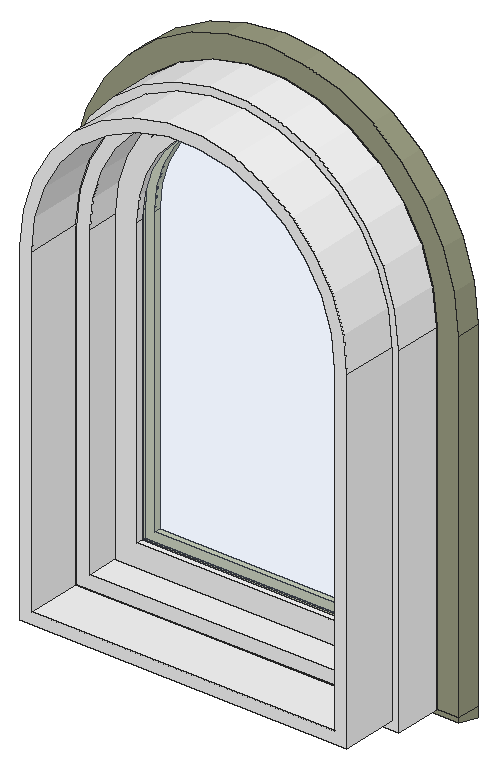
Revit family
Parameters (values of type "1Ft 8In W x 2Ft 6In H (KUN126-HC)")
  URL = "http://www.kolbe-kolbe.com/productoverview/index.cfm?page=ultracasement&source=model"
  SmartBIM Object Version = 1  # constant formula
  SmartBIM Object Created By = "Reed Construction Data"  # constant formula
  Sill Nosing = yes
  Sill Extension = if([2In Brickmould], 0' 1 79/256", 0' 0")  # 0' - 1 79/256"
  Rough Width = 1' - 8 1/2"
  Rough Height = 2' - 6 1/2"
  Radius = 1' - 2 1/2"
  Model = "KUN126-HC"
  Manufacturer = "Kolbe & Kolbe Millwork Co., Inc."  # constant formula
  Interior Material = Kolbe Ultra Pure White
  Hinge Visible [instance] = yes
  Hinge Right [instance] = no
  Height = 2' - 6"
  Half Width = 0.5 * Width  # 0' - 10"
  Glass Pane Material = Glass
  Exterior Wall Offset = 0' - 0"
  Exterior Sash and Grille Material = Kolbe Spiced Vinegar
  Extension Jamb and Trim Material = Kolbe Bay Leaf
  Emergency Escape & Rescue Opening = no
  Description = "Half-Circle Top Casements"  # constant formula
  Default Sill Height = 3' - 0"
  Wall Closure = (empty or 0)
  Width = 1' - 8"
  Curve Adjustment = Height - (Height - Radius)  # 1' - 2 1/2"
  95 CSI = "08550"  # constant formula
  2In Brickmould = yes
  04 CSI = "08 52 00"  # constant formula
Reference planes (in)
  plane 1 "Center (Front/Back)": y = 0
  plane 2: z = 0
  plane 3 "Center (Left/Right)": x = 3.36576
  plane 4 "Left": x = -6.63424
  plane 5 "Right": x = 13.36576
  plane 6 "Sill": z = 36
  plane 7 "Top": z = 66
  plane 8: z = 56
  plane 9 "Exterior Wall Edge": y = 3
  plane 10 "Exterior Wall Offset Plane": y = 3
  plane 11 "Jamb Extension Left": x = -6.19674
  plane 12 "Jamb Extension Right": x = 12.92826
  plane 13 "Right Sill Edge": x = 14.67436
  plane 14 "Left Sill Edge": x = -7.94283
  plane 15 "Exterior Edge of Glass": y = 3.36195
  plane 16: y = 3.23695
  plane 17 "Interior Edge of Glass": y = 2.48395
  plane 18: y = 2.60895
  plane 19 "Left Hinge Edge": x = -3.44674
  plane 20 "Right Hinge Edge": x = 10.17826
  plane 21 "Bottom of Hinge": z = 39.1875
Forms (in)
  Sweep 1, solid, material "Kolbe Bay Leaf" <- "Extension Jamb and Trim Material", visible <- "2In Brickmould"
    path origin (0, 3, 0) x (-1, 0, 0) y (0, 0, 1)
      loop
        line (6.63424, 36) -> (6.63424, 56)
        arc (6.63424, 56) -> (-3.36576, 66) -> (-13.36576, 56) r 10
        line (-13.36576, 56) -> (-13.36576, 36)
    profile "Profile_Casing-Brickmould-2In_Kolbe : Profile_Casing-Brickmould-2In_Kolbe" origin (13.36576, 3, 46) x (-1, 0, 0) y (0, 1, 0)
      loop
        line (-1.30792, 1.37928) -> (-1.30792, 0) -> (0, 0) -> (0, 1.30896) -> (0.65336, 1.30896) -> (0.616, 1.37928) -> (-0.24599, 1.37928) -> (-0.665, 1.19228) -> (-0.99542, 1.31703) -> (-0.99542, 1.37928) -> (-1.30792, 1.37928)
  Sweep 2, solid, material "Kolbe Spiced Vinegar" <- "Exterior Sash and Grille Material"
    path origin (0, 3, 0) x (-1, 0, 0) y (0, 0, 1)
      loop
        line (-13.36576, 56) -> (-13.36576, 36) -> (6.63424, 36) -> (6.63424, 56)
        arc (6.63424, 56) -> (-3.36576, 66) -> (-13.36576, 56) r 10
    profile "Profile-Sash-Exterior : Profile-Sash-Interior" origin (13.36576, 3, 46) x (-1, 0, 0) y (0, 1, 0)
      loop
        line (3.1875, 0.79859) -> (0.9155, 0.79859) -> (0.9155, 0) -> (2.3125, 0) -> (2.3125, 0.42359) -> (3.1875, 0.42359) -> (3.1875, 0.79859)
  Sweep 3, solid, material "Kolbe Ultra Pure White" <- "Interior Material"
    path origin (0, 3, 0) x (-1, 0, 0) y (0, 0, 1)
      loop
        line (-13.36576, 56) -> (-13.36576, 36) -> (6.63424, 36) -> (6.63424, 56)
        arc (6.63424, 56) -> (-3.36576, 66) -> (-13.36576, 56) r 10
    profile "Profile-Sash-Interior : Profile-Sash-Exterior" origin (13.36576, 3, 46) x (-1, 0, 0) y (0, 1, 0)
      loop
        line (2.3125, -0.51605) -> (2.3125, 0) -> (0.9155, 0) -> (0.9155, -0.88891) -> (3.1875, -0.88891) -> (3.1875, -0.51605) -> (2.3125, -0.51605)
  Sweep 4, solid, material "Kolbe Ultra Pure White" <- "Interior Material"
    path origin (0, 3, 0) x (-1, 0, 0) y (0, 0, 1)
      loop
        line (-13.36576, 56) -> (-13.36576, 36) -> (6.63424, 36) -> (6.63424, 56)
        arc (6.63424, 56) -> (-3.36576, 66) -> (-13.36576, 56) r 10
    profile "Profile-Jamb-Interior : Profile-Jamb-Exterior" origin (13.36576, 3, 46) x (-1, 0, 0) y (0, 1, 0)
      loop
        line (0, 0) -> (0, -2.75) -> (1.12644, -2.75) -> (1.12644, -0.88891) -> (0.9155, -0.88891) -> (0.9155, 0) -> (0, 0)
  Sweep 5, solid, material "Kolbe Bay Leaf" <- "Extension Jamb and Trim Material"
    path origin (0, 3, 0) x (-1, 0, 0) y (0, 0, 1)
      loop
        line (-13.36576, 56) -> (-13.36576, 36) -> (6.63424, 36) -> (6.63424, 56)
        arc (6.63424, 56) -> (-3.36576, 66) -> (-13.36576, 56) r 10
    profile "Profile-Jamb-Exterior : Profile-Jamb-Interior" origin (13.36576, 3, 46) x (-1, 0, 0) y (0, 1, 0)
      loop
        line (0, 1.30759) -> (0, 0) -> (0.9155, 0) -> (0.9155, 0.79683) -> (0.67614, 0.79683) -> (0.63119, 1.30759) -> (0, 1.30759)
  Sweep 6, solid, material "Kolbe Ultra Pure White" <- "Interior Material"
    path origin (0, 3, 0) x (-1, 0, 0) y (0, 0, 1)
      loop
        line (-12.92826, 56) -> (-12.92826, 36.4375) -> (6.19674, 36.4375) -> (6.19674, 56)
        arc (6.19674, 56) -> (-3.36576, 65.5625) -> (-12.92826, 56) r 9.5625
    profile origin (12.92826, 3, 46.21875) x (0, 1, 0) y (-1, 0, 0)
      loop
        line (-6, 0) -> (-2.75, 0) -> (-2.75, 0.6875) -> (-6, 0.6875) -> (-6, 0)
  Sweep 7, solid, material "Kolbe Bay Leaf" <- "Extension Jamb and Trim Material", visible <- "Sill Nosing"
    path origin (0, 3, 0) x (-1, 0, 0) y (0, 0, 1)
      loop
        line (7.94283, 36) -> (-14.67436, 36)
    profile "Profile-Sill-Standard-Extrusion : Profile-Sill-Standard-Extrusion" origin (3.36576, 3, 36) x (0, 0, -1) y (0, 1, 0)
      loop
        line (0, 1.37967) -> (0, 0) -> (0.24614, 0) -> (0.59013, 1.37967) -> (0, 1.37967)
  Extrusion 8, solid, material "Glass" <- "Glass Pane Material"
    sketch origin (0, 3, 0) x (-1, 0, 0) y (0, 0, 1)
      loop
        line (-10.67826, 56) -> (-10.67826, 38.6875) -> (3.94674, 38.6875) -> (3.94674, 56)
        arc (3.94674, 56) -> (-3.36576, 63.3125) -> (-10.67826, 56) r 7.3125
    from 0.23695 to 0.36195
  Extrusion 9, solid, material "Glass" <- "Glass Pane Material"
    sketch origin (0, 2.18451, 0) x (-1, 0, 0) y (0, 0, 1)
      loop
        line (-10.67826, 56) -> (-10.67826, 38.6875) -> (3.94674, 38.6875) -> (3.94674, 56)
        arc (3.94674, 56) -> (-3.36576, 63.3125) -> (-10.67826, 56) r 7.3125
    from 0.29945 to 0.42445
  Sweep 10, solid, material "Kolbe Ultra Pure White" <- "Interior Material"
    path origin (0, 3, 0) x (-1, 0, 0) y (0, 0, 1)
      loop
        line (-13.36576, 56) -> (-13.36576, 36) -> (6.63424, 36) -> (6.63424, 56)
        arc (6.63424, 56) -> (-3.36576, 66) -> (-13.36576, 56) r 10
    profile "Profile-Jamb-ExteriorStop : Profile-Jamb-ExteriorStop" origin (13.36576, 3, 46) x (-1, 0, 0) y (0, 1, 0)
      loop
        line (1.90625, -2.74828) -> (1.90625, -0.88891) -> (1.12644, -0.88891) -> (1.12644, -2.74828) -> (1.90625, -2.74828)
Lines and regions (in)
  Opening 1
    outline origin (-60, -3, 0) x (1, 0, 0) y (0, 0, 1)
      loop
        line (53.36576, 56) -> (53.36576, 36) -> (73.36576, 36) -> (73.36576, 56)
        arc (73.36576, 56) -> (63.36576, 66) -> (53.36576, 56) r 10
Text (in)
  text "EXTERIOR" at (-41.72184, 17.60613, 0), in view "Ref. Level"
  text "INTERIOR" at (-41.72184, -10.16343, 0), in view "Ref. Level"
  text "Exterior" at (0, 43.65631, 123.19604), in view "Left"
  text "Exterior" at (0, 18.29385, 125.04747), in view "Right"
Dimensions and locks (in)
  equal spacing: plane 4 "Left", plane 3 "Center (Left/Right)", plane 5 "Right"
  "Height": plane 6 "Sill" to plane 7 "Top"
  "Default Sill Height": plane 2 to plane 6 "Sill"
  "Width": plane 4 "Left" to plane 5 "Right"
  "Half Width": plane 8 to plane 7 "Top"
  "Exterior Wall Offset": host wall to plane 10 "Exterior Wall Offset Plane"
  locked: plane 12 "Jamb Extension Right" to plane 5 "Right" at 0.4375
  locked: plane 4 "Left" to plane 11 "Jamb Extension Left" at 0.4375
  locked: Sweep 6 sketch curve to plane 12 "Jamb Extension Right" at 0.6875
  "Sill Extension": plane 5 "Right" to plane 13 "Right Sill Edge"
  "Sill Extension": plane 4 "Left" to plane 14 "Left Sill Edge"
  locked: plane 15 "Exterior Edge of Glass" to plane 10 "Exterior Wall Offset Plane" at 0.36195
  locked: plane 15 "Exterior Edge of Glass" to plane 16 at 0.125
  locked: plane 17 "Interior Edge of Glass" to plane 10 "Exterior Wall Offset Plane" at 0.51605
  locked: plane 18 to plane 17 "Interior Edge of Glass" at 0.125
  locked: plane 4 "Left" to plane 19 "Left Hinge Edge" at 3.1875
  locked: plane 20 "Right Hinge Edge" to plane 5 "Right" at 3.1875
  locked: plane 6 "Sill" to plane 21 "Bottom of Hinge" at 3.1875
  "Half Width": radius of Opening 1 sketch curve
  aligned and locked: plane 6 "Sill" to Opening 1 sketch curve  (x2)
  aligned and locked: plane 5 "Right" to Opening 1 sketch curve
  aligned and locked: host wall to plane 9 "Exterior Wall Edge"
  aligned and locked: plane 6 "Sill" to Sweep 1 sketch curve  (x2)
  aligned and locked: plane 6 "Sill" to Sweep 2 sketch curve  (x2)
  aligned and locked: plane 6 "Sill" to Sweep 4 sketch curve  (x2)
  aligned and locked: Sweep 6 sketch curve to plane 12 "Jamb Extension Right"
  aligned and locked: Sweep 6 sketch curve to plane 11 "Jamb Extension Left"
  aligned and locked: plane 12 "Jamb Extension Right" to Sweep 6 sketch curve
  aligned and locked: Sweep 6 sketch curve to host wall
  aligned and locked: Sweep 3 sketch curve to plane 6 "Sill"
  aligned and locked: Sweep 5 sketch curve to plane 6 "Sill"
  aligned and locked: Sweep 7 sketch curve to plane 6 "Sill"
  aligned and locked: plane 13 "Right Sill Edge" to Sweep 7 sketch curve
  aligned and locked: plane 14 "Left Sill Edge" to Sweep 7 sketch curve
  aligned and locked: Extrusion 8 to plane 16
  aligned and locked: Extrusion 8 to plane 15 "Exterior Edge of Glass"
  aligned and locked: plane 18 to Extrusion 9
  aligned and locked: plane 17 "Interior Edge of Glass" to Extrusion 9
  aligned and locked: plane 8 to Opening 1 sketch curve
  aligned and locked: Sweep 1 sketch curve to host wall
  aligned and locked: Sweep 2 sketch curve to host wall
  aligned and locked: Sweep 10 sketch curve to host wall
  aligned and locked: Sweep 5 sketch curve to host wall
  aligned and locked: Sweep 3 sketch curve to host wall
  aligned and locked: Sweep 4 sketch curve to host wall
  aligned and locked: nested 1 to plane 8
  aligned and locked: plane 19 "Left Hinge Edge" to nested 1
  aligned and locked: nested 1 to plane 20 "Right Hinge Edge"
  aligned and locked: nested 1 to plane 21 "Bottom of Hinge"
Automatic sketch dimensions
  Extrusion 8 sketch curve to plane 6 "Sill" = 0' - 2 11/16"
  Extrusion 9 sketch curve to plane 6 "Sill" = 0' - 2 11/16"
  Sweep 10 sketch curve to plane 6 "Sill" = 0' - 0"
  Sweep 6 sketch curve to plane 6 "Sill" = 0' - 0 7/16"
  plane 11 "Jamb Extension Left" to Extrusion 8 sketch curve = 0' - 2 1/4"
  plane 11 "Jamb Extension Left" to Extrusion 9 sketch curve = 0' - 2 1/4"
  Sweep 6 sketch curve to plane 8 = 0' - 0"
  Extrusion 8 sketch curve to plane 8 = 0' - 0"
  Extrusion 8 sketch curve to plane 3 "Center (Left/Right)" = 0' - 0"
  Extrusion 9 sketch curve to plane 8 = 0' - 0"
  Extrusion 9 sketch curve to plane 3 "Center (Left/Right)" = 0' - 0"
Nested families (in)
  nested 1: "Swing_Elevation" at (10.17826, 0, 39.1875) x (-1, 0, 0) z (0, 1, 0), Hinge Right <- "Hinge Right", visible <- "Hinge Visible", type "Swing_Elevation"
    with Width 1' - 1 5/8", Hinge Right no, Hinge Left yes, Height 1' - 4 13/16"
Definition of nested family "Swing_Elevation"
  Parameters (values of type "Swing_Elevation")
    Width [instance] = 1' - 0"
    Hinge Right [instance] = no
    Hinge Left [instance] = not(Hinge Right)  # yes
    Height [instance] = 1' - 6"
    Assembly Code = ""
  Reference planes (in)
    plane 1 "Bottom": y = 0
    plane 2: z = 0
    plane 3 "Left": x = 0
    plane 4 "Right": x = 12
    plane 5 "Top": y = 18
    plane 6 "Centerline": y = 9
    plane 7 "Vertical Centerline": x = 6
  Lines and regions (in)
    detail lines, style "DetailComponentsHiddenLines", in view "Ref. Level", visible <- "Hinge Left"
      curve 1: line (12, 18, 0) -> (0, 9, 0)
      curve 2: line (0, 9, 0) -> (12, 0, 0)
    detail lines, style "DetailComponentsHiddenLines", in view "Ref. Level", visible <- "Hinge Right"
      curve 3: line (0, 18, 0) -> (12, 9, 0)
      curve 4: line (12, 9, 0) -> (0, 0, 0)
  Dimensions and locks (in)
    equal spacing: plane 1 "Bottom", plane 6 "Centerline", plane 5 "Top"
    "Width": plane 3 "Left" to plane 4 "Right"
    "Height": plane 1 "Bottom" to plane 5 "Top"
    equal spacing: plane 3 "Left", plane 7 "Vertical Centerline", plane 4 "Right"
    aligned and locked: plane 1 "Bottom" to curve 4
    aligned and locked: plane 3 "Left" to curve 4
  Automatic sketch dimensions
    curve 1 to plane 3 "Left" = 0' - 0"
    curve 3 to plane 3 "Left" = 0' - 0"
    curve 3 to plane 4 "Right" = 0' - 0"
    curve 2 to plane 1 "Bottom" = 0' - 0"
    curve 2 to plane 4 "Right" = 0' - 0"
    curve 1 to plane 4 "Right" = 0' - 0"
    curve 2 to plane 6 "Centerline" = 0' - 0"
    curve 4 to plane 6 "Centerline" = 0' - 0"
    curve 3 to plane 5 "Top" = 0' - 0"
    curve 1 to plane 5 "Top" = 0' - 0"
